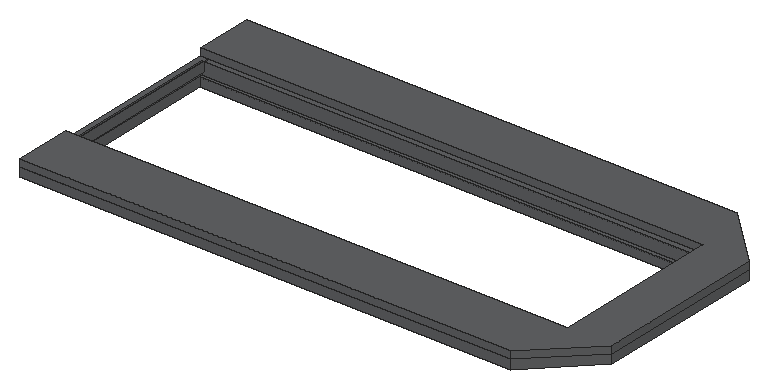
Revit family "Abdeckplatte für Universalträger UT4, Modul 45-Einbauöffnung, 147", category Generic Models, Revit 2015
Parameters (values of type "UT4 P3")
  Width = 76 mm
  URL = "http://www.obo-bettermann.com"
  Material = OBO PA
  Manufacturer Art.No. = "7408761"
  Manufacturer = "OBO Bettermann"
  Length = 147 mm
  Height 1 = 2 mm
  Height = 4.5 mm
  GTIN = "4012196435333"
  Article Type = "UT4 P3"
Reference planes
  plane 1 "Center (Front/Back)": y = 0
  plane 2: z = 0
  plane 3 "Center (Left/Right)": x = 0
  plane 4: z = -2
  plane 5: z = -4.5
  plane 6: z = -5.25
  plane 7: z = -7.75
Forms (mm)
  Extrusion 1, solid, material "OBO PA" <- "Material"
    sketch origin (0, 0, 0) x (1, 0, 0) y (0, 1, 0)
      loop
        line (-105.75, 38) -> (-105.75, -38) -> (26.25, -38) -> (41.25, -23) -> (41.25, 23) -> (26.25, 38) -> (-105.75, 38)
    from 0 to -2
  Extrusion 2, solid, material "OBO PA" <- "Material"
    sketch origin (0, 0, 0) x (1, 0, 0) y (0, 1, 0)
      loop
        line (26.25, 38) -> (-105.75, 38) -> (-105.75, -38) -> (26.25, -38) -> (41.25, -23) -> (41.25, 23) -> (26.25, 38)
      loop
        line (-103.75, 36) -> (-103.75, -36) -> (25.422, -36) -> (39.25, -22.172) -> (39.25, 22.172) -> (25.422, 36) -> (-103.75, 36)
    from -2 to -4.5
  Extrusion 3, void
    sketch origin (0, 0, 0) x (1, 0, 0) y (0, 1, 0)
      loop
        line (-105.75, 22.65) -> (-105.75, -22.65) -> (29.25, -22.65) -> (29.25, 22.65) -> (-105.75, 22.65)
    from 0 to -2
  Extrusion 4, solid, material "OBO PA" <- "Material"
    sketch origin (0, 0, 0) x (1, 0, 0) y (0, 1, 0)
      loop
        line (29.25, 22.65) -> (-105.75, 22.65) -> (-105.75, -22.65) -> (29.25, -22.65) -> (29.25, 22.65)
      loop
        line (27.75, 21.15) -> (-104.25, 21.15) -> (-104.25, -21.15) -> (27.75, -21.15) -> (27.75, 21.15)
    from -2 to -5.25
  Extrusion 5, solid, material "OBO PA" <- "Material"
    sketch origin (0, 0, 0) x (1, 0, 0) y (0, 1, 0)
      loop
        line (-105.75, 21.15) -> (-105.75, -21.15) -> (27.75, -21.15) -> (27.75, 21.15) -> (-105.75, 21.15)
      loop
        line (-104.05, 20.15) -> (-104.05, -20.15) -> (26.25, -20.15) -> (26.25, 20.15) -> (-104.05, 20.15)
    from -5.25 to -7.75
Cuts and joins
  Extrusion 3 cuts Extrusion 1
Dimensions and locks
  "Height 1": level to plane 4
  "Height": level to plane 5
  locked: Extrusion 1 sketch curve to Extrusion 1 sketch curve at 15  (x2)
  "Width": Extrusion 1 sketch curve to Extrusion 1 sketch curve
  "Length": Extrusion 1 sketch curve to Extrusion 1 sketch curve
  equal spacing: Extrusion 1 sketch curve, plane 1 "Center (Front/Back)", Extrusion 1 sketch curve, locked at 38 each
  locked: plane 3 "Center (Left/Right)" to Extrusion 1 sketch curve at 41.25
  locked: Extrusion 3 sketch curve to Extrusion 3 sketch curve at 135
  locked: Extrusion 3 sketch curve to Extrusion 3 sketch curve at 45.3
  equal spacing: Extrusion 3 sketch curve, plane 1 "Center (Front/Back)", Extrusion 3 sketch curve, locked at 22.65 each
  locked: Extrusion 3 sketch curve to cut or joined group of Extrusion 1, Extrusion 3 at 12
  plane 3 "Center (Left/Right)" to Extrusion 4 = 105.75 mm
  locked: plane 5 to plane 6 at 0.75
  locked: Extrusion 5 sketch curve to Extrusion 5 sketch curve at 40.3
  equal spacing: Extrusion 5 sketch curve, plane 1 "Center (Front/Back)", Extrusion 5 sketch curve, locked at 20.15 each
  locked: Extrusion 5 sketch curve to Extrusion 5 sketch curve at 130.3
  locked: Extrusion 5 sketch curve to Extrusion 4 at 1.5
  locked: plane 6 to plane 7 at 2.5
  aligned and locked: level to plane 2
  aligned and locked: Extrusion 1 to level
  aligned and locked: plane 4 to Extrusion 1
  aligned and locked: Extrusion 2 sketch curve to Extrusion 1  (x6)
  aligned and locked: Extrusion 1 to Extrusion 2
  aligned and locked: Extrusion 2 to plane 5
  aligned and locked: Extrusion 3 to level
  aligned and locked: Extrusion 1 to Extrusion 3
  aligned and locked: Extrusion 4 sketch curve to cut or joined group of Extrusion 1, Extrusion 3  (x4)
  aligned and locked: plane 4 to Extrusion 4
  aligned and locked: Extrusion 4 to plane 6
  aligned and locked: Extrusion 5 sketch curve to Extrusion 4  (x3)
  aligned and locked: Extrusion 4 to Extrusion 5
  aligned and locked: Extrusion 5 to plane 7
  aligned and locked: Extrusion 5 sketch curve to Extrusion 2
Automatic sketch dimensions
  Extrusion 1 sketch curve to Extrusion 1 sketch curve = 15 mm  (x2)
  Extrusion 2 sketch curve to Extrusion 2 sketch curve = 2 mm  (x4)
  Extrusion 2 sketch curve to Extrusion 2 sketch curve = 0.828 mm  (x4)
  Extrusion 4 sketch curve to Extrusion 4 sketch curve = 1.5 mm  (x4)
